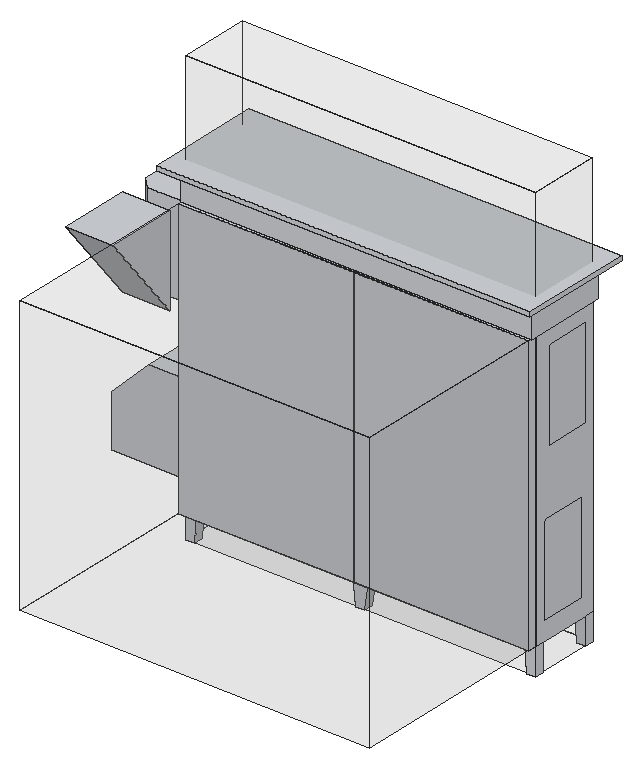
Revit family "AHU 3 _6", category Mechanické zařízení, Revit 2018
Family settings
  Kóta kulaté spojky = Použít průměr
  Typ dílu = Normální
  Číslo OmniClass = 23.75.00.00
  Nadpis OmniClass = Climate Control (HVAC)
  Založené na pracovní rovině = Ne
  Vždy vertikální = Ano
  Ořezat dutým tvarem při načtení = Ne
  Sdílené = Ne
  Bod výpočtu místnosti = Ne
Parameters (values of type "DUPLEXVENT Flexi (3G) DV1700 (RD5)")
  Width [instance] = 0.445 mm
  Weight [instance] = 291.00 kg
  URL = ""
  Type [instance] = "DUPLEXVENT Flexi (3G) DV1700 (RD5)"
  Total_SFP [instance] = 0
  Supply_outlet_hum [instance] = 24.9
  Supply_inlet_hum [instance] = 90
  Supply_ext_pressure [instance] = 200.0 Pa
  Supply_SFP [instance] = 0
  Source_adu_file [instance] = "C:\\\\Users\\\\dgavril\\\\OneDrive - Airflow Developments Ltd\\\\Desktop\\\\adu durley chine V4.adu"
  Recuperation_type [instance] = "Plate heat recovery exchanger"
  Recuperation_efficiency_EN308 [instance] = 82.9
  Project_name [instance] = "Durley Chine Passivhaus"
  Project_date [instance] = "13-08-2021"
  Power_supply_fusing [instance] = "0"
  Power_supply_cable [instance] = "0"
  Position [instance] = "AHU 3 "
  Phases_count [instance] = 1
  Panel_thickness [instance] = 0.06 mm
  Outer_surface [instance] = "RAL 9002"
  Length [instance] = 1.95 mm
  Insulation_type [instance] = "PUR"
  Insulation_thickness [instance] = 0.05 mm
  Installation_environment [instance] = ""
  Input_power_max [instance] = 1560 W
  Inner_surface [instance] = "Pozink"
  I2 [instance] = I1  # 0.0 L/s
  Height [instance] = 1.55 mm
  Exhaust_outlet_hum [instance] = 95.9
  Exhaust_inlet_hum [instance] = 40
  Exhaust_ext_pressure [instance] = 200.0 Pa
  Exhaust_SFP [instance] = 0
  E1 [instance] = E2 - M1  # 0.0 L/s
  E2 [instance] = 0.0 L/s
  I1 [instance] = 0.0 L/s
  Description = ""
  M1 [instance] = 0.0 L/s
  Device_dutypoint_version [instance] = "19"
  Device_design_version [instance] = "63"
  Device_adu_id [instance] = "6"
  Current_max [instance] = 7.8 A
  Casing_mat [instance] = "painted zinc layer"
  Cable type [instance] = "CYKY 5Jx2,5"
Reference planes
  plane 1 "Střed (vpředu/vzadu)": y = 0
  plane 2 "ref": z = 0
  plane 3 "Střed (vlevo/vpravo)": x = 0
Forms (mm)
  Sweep 1, solid
    path origin (0, 0, 0) x (0, 0, 1) y (1, 0, 0)
      loop
        line (0, 0) -> (1550, 0)
    profile origin (0, 0, 0) x (1, 0, 0) y (0, 1, 0)
      loop
        line (0, 0) -> (1950, 0) -> (1950, 400) -> (0, 400) -> (0, 0)
  Sweep 2, solid
    path origin (0, 0, 0) x (0, 0, 1) y (1, 0, 0)
      loop
        line (0, 0) -> (1550, 0)
    profile origin (0, 0, 0) x (1, 0, 0) y (0, 1, 0)
      loop
        line (0, 0) -> (0, -45) -> (1950, -45) -> (1950, 0) -> (0, 0)
  Sweep 3, solid
    path origin (-233, 315, 355) x (1, 0, 0) y (0, 1, 0)
      loop
        line (0, 0) -> (0, -250)
    profile origin (-233, 315, 355) x (1, 0, 0) y (0, 0, 1)
      loop
        line (233, 250) -> (-23, 250) -> (-233, 41) -> (-233, -250) -> (233, -250) -> (233, 250)
  Sweep 4, solid
    path origin (0, 0, 105) x (0, 0, 1) y (1, 0, 0)
      loop
        line (0, 0) -> (500, 0)
    profile origin (0, 0, 105) x (1, 0, 0) y (0, 1, 0)
      loop
        line (-1, 65) -> (0, 65) -> (0, 315) -> (-1, 315) -> (-1, 65)
  Sweep 5, solid
    path origin (1949, 223, 1215) x (1, 0, 0) y (0, 1, 0)
      loop
        line (0, 0) -> (1, 0)
    profile origin (1949, 223, 1215) x (0, 1, 0) y (0, 0, 1)
      loop
        line (-125, 250) -> (-125, -250) -> (125, -250) -> (125, 250) -> (-125, 250)
  Sweep 6, solid
    path origin (1949, 190, 355) x (1, 0, 0) y (0, 1, 0)
      loop
        line (0, 0) -> (1, 0)
    profile origin (1949, 190, 355) x (0, 1, 0) y (0, 0, 1)
      loop
        line (-125, 250) -> (-125, -250) -> (125, -250) -> (125, 250) -> (-125, 250)
  Sweep 7, solid
    path origin (-175, 223, 965) x (0, 0, 1) y (1, 0, 0)
      loop
        line (0, 0) -> (500, 0)
    profile origin (-175, 223, 965) x (1, 0, 0) y (0, 1, 0)
      loop
        line (175, 125) -> (87, 125) -> (87, 225) -> (-175, 225) -> (-175, -63) -> (-113, -125) -> (175, -125) -> (175, 125)
  Sweep 8, solid
    path origin (-87, 223, 1215) x (0, 1, 0) y (-1, 0, 0)
      loop
        line (0, 0) -> (0, 263)
    profile origin (-87, 223, 1215) x (0, -1, 0) y (0, 0, 1)
      loop
        line (225, -250) -> (625, 250) -> (225, 250) -> (225, -250)
  Sweep 9, solid
    path origin (0, 0, 965) x (0, 0, 1) y (1, 0, 0)
      loop
        line (0, 0) -> (500, 0)
    profile origin (0, 0, 965) x (1, 0, 0) y (0, 1, 0)
      loop
        line (-1, 98) -> (0, 98) -> (0, 348) -> (-1, 348) -> (-1, 98)
  Sweep 10, solid
    path origin (0, 0, 1725) x (0, 0, 1) y (1, 0, 0)
      loop
        line (0, 0) -> (25, 0)
    profile origin (0, 0, 1725) x (1, 0, 0) y (0, 1, 0)
      loop
        line (-65, -120) -> (2015, -120) -> (2015, 520) -> (-65, 520) -> (-65, -120)
  Sweep 11, solid
    path origin (0, 0, 1550) x (0, 0, 1) y (1, 0, 0)
      loop
        line (0, 0) -> (175, 0)
    profile origin (0, 0, 1550) x (1, 0, 0) y (0, 1, 0)
      loop
        line (-5, -30) -> (1955, -30) -> (1955, 430) -> (-5, 430) -> (-5, -30)
  Sweep 12, solid
    path origin (750, 55, 0) x (0, -1, 0) y (0, 0, 1)
      loop
        line (0, 0) -> (0, -30)
    profile origin (750, 55, 0) x (-1, 0, 0) y (0, -1, 0)
      loop
        circle (0, 0) r 16
  Sweep 13, solid, material "Servisní prostor"
    path origin (0, 0, 0) x (0, 0, 1) y (1, 0, 0)
      loop
        line (0, 0) -> (1550, 0)
    profile origin (0, 0, 0) x (1, 0, 0) y (0, 1, 0)
      loop
        line (0, -1155) -> (1950, -1155) -> (1950, -45) -> (0, -45) -> (0, -1155)
  Sweep 14, solid, material "Servisní prostor"
    path origin (0, 0, 1550) x (0, 0, 1) y (1, 0, 0)
      loop
        line (0, 0) -> (720, 0)
    profile origin (0, 0, 1550) x (1, 0, 0) y (0, 1, 0)
      loop
        line (0, 0) -> (1950, 0) -> (1950, 400) -> (0, 400) -> (0, 0)
  Sweep 15, solid, material "Servisní prostor"
    path origin (0, 0, -150) x (0, 0, 1) y (1, 0, 0)
      loop
        line (0, 0) -> (150, 0)
    profile origin (0, 0, -150) x (1, 0, 0) y (0, 1, 0)
      loop
        line (0, 400) -> (0, 0) -> (1950, 0) -> (1950, 400) -> (0, 400)
  Sweep 16, solid
    path origin (0, 0, 0) x (0, 0, 1) y (1, 0, 0)
      loop
        line (0, 0) -> (1550, 0)
    profile origin (0, 0, 0) x (1, 0, 0) y (0, 1, 0)
      loop
        line (0, -45) -> (975, -45) -> (975, -5) -> (0, -5) -> (0, -45)
  Sweep 17, solid
    path origin (0, 0, 0) x (0, 0, 1) y (1, 0, 0)
      loop
        line (0, 0) -> (1550, 0)
    profile origin (0, 0, 0) x (1, 0, 0) y (0, 1, 0)
      loop
        line (975, -45) -> (1950, -45) -> (1950, -5) -> (975, -5) -> (975, -45)
  Sweep 18, solid
    path origin (25, 50, 0) x (1, 0, 0) y (0, 1, 0)
      loop
        line (0, 0) -> (0, -50)
    profile origin (25, 50, 0) x (1, 0, 0) y (0, 0, 1)
      loop
        line (-25, 0) -> (-25, -150) -> (25, -150) -> (35, 0) -> (-25, 0)
  Sweep 19, solid
    path origin (1925, 50, 0) x (1, 0, 0) y (0, 1, 0)
      loop
        line (0, 0) -> (0, -50)
    profile origin (1925, 50, 0) x (1, 0, 0) y (0, 0, 1)
      loop
        line (-35, 0) -> (-25, -150) -> (25, -150) -> (25, 0) -> (-35, 0)
  Sweep 20, solid
    path origin (25, 400, 0) x (1, 0, 0) y (0, 1, 0)
      loop
        line (0, 0) -> (0, -50)
    profile origin (25, 400, 0) x (1, 0, 0) y (0, 0, 1)
      loop
        line (-25, 0) -> (-25, -150) -> (25, -150) -> (35, 0) -> (-25, 0)
  Sweep 21, solid
    path origin (1925, 400, 0) x (1, 0, 0) y (0, 1, 0)
      loop
        line (0, 0) -> (0, -50)
    profile origin (1925, 400, 0) x (1, 0, 0) y (0, 0, 1)
      loop
        line (-35, 0) -> (-25, -150) -> (25, -150) -> (25, 0) -> (-35, 0)
  Sweep 22, solid
    path origin (975, 50, 0) x (1, 0, 0) y (0, 1, 0)
      loop
        line (0, 0) -> (0, -50)
    profile origin (975, 50, 0) x (1, 0, 0) y (0, 0, 1)
      loop
        line (-45, 0) -> (-25, -150) -> (25, -150) -> (45, 0) -> (-45, 0)
  Sweep 23, solid
    path origin (975, 400, 0) x (1, 0, 0) y (0, 1, 0)
      loop
        line (0, 0) -> (0, -50)
    profile origin (975, 400, 0) x (1, 0, 0) y (0, 0, 1)
      loop
        line (-45, 0) -> (-25, -150) -> (25, -150) -> (45, 0) -> (-45, 0)
  Sweep 24, solid
    path origin (0, 0, 1550) x (0, 0, 1) y (1, 0, 0)
      loop
        line (0, 0) -> (125, 0)
    profile origin (0, 0, 1550) x (1, 0, 0) y (0, 1, 0)
      loop
        line (650, 45) -> (1305, 45) -> (1305, 235) -> (650, 235) -> (650, 45)
  Sweep 25, solid
    path origin (650, 140, 1613) x (0, 0, -1) y (1, 0, 0)
      loop
        line (0, 0) -> (0, -1)
    profile origin (650, 140, 1613) x (0, 0, -1) y (0, -1, 0)
      loop
        circle (0, 0) r 10
Lines and regions (mm)
  model lines, style "Symbol"
    curve 1: line (950, -45, 0) -> (950, -45, 310)
    curve 2: line (950, -45, 1550) -> (950, -45, 1240)
    curve 3: line (0, -45, 775) -> (485, -45, 775)
    curve 4: line (1950, -45, 775) -> (1415, -45, 775)
    curve 5: line (485, -45, 775) -> (718, -45, 1240)
    curve 6: line (718, -45, 1240) -> (1183, -45, 1240)
    curve 7: line (1183, -45, 1240) -> (1415, -45, 775)
    curve 8: line (1415, -45, 775) -> (1183, -45, 310)
    curve 9: line (1183, -45, 310) -> (950, -45, 310)
    curve 10: line (950, -45, 310) -> (718, -45, 310)
    curve 11: line (718, -45, 310) -> (485, -45, 775)
    curve 12: line (1609, -45, 1273) -> (1857, -45, 1231)
    curve 13: line (1609, -45, 1052) -> (1857, -45, 1094)
    curve 14: line (341, -45, 1052) -> (93, -45, 1094)
    curve 15: line (341, -45, 1273) -> (93, -45, 1231)
    curve 16: line (175, -45, 155) -> (175, -45, 620)
    curve 17: line (175, -45, 620) -> (292, -45, 620)
    curve 18: line (292, -45, 620) -> (292, -45, 155)
    curve 19: line (292, -45, 155) -> (175, -45, 155)
    curve 20: line (234, -45, 155) -> (292, -45, 388)
    curve 21: line (234, -45, 620) -> (292, -45, 388)
    curve 22: line (1774, -45, 620) -> (1774, -45, 155)
    curve 23: line (1774, -45, 155) -> (1657, -45, 155)
    curve 24: line (1657, -45, 155) -> (1657, -45, 620)
    curve 25: line (1657, -45, 620) -> (1774, -45, 620)
    curve 26: line (1716, -45, 620) -> (1657, -45, 388)
    curve 27: line (1716, -45, 155) -> (1657, -45, 388)
    curve 28: line (634, -45, 271) -> (422, -45, 686)
    curve 29: line (422, -45, 686) -> (491, -45, 721)
    curve 30: line (491, -45, 721) -> (703, -45, 306)
    curve 31: line (703, -45, 306) -> (634, -45, 271)
    curve 32: line (507, -45, 537) -> (534, -45, 621)
    curve 33: line (591, -45, 371) -> (618, -45, 455)
    curve 34: line (0, -45, 0) -> (975, -45, 0)
    curve 35: line (0, -45, 1550) -> (975, -45, 1550)
    curve 36: line (0, -45, 0) -> (0, -45, 1550)
    curve 37: line (975, -45, 0) -> (975, -45, 1550)
    curve 38: line (0, -45, 0) -> (0, -5, 0)
    curve 39: line (975, -45, 0) -> (975, -5, 0)
    curve 40: line (0, -45, 1550) -> (0, -5, 1550)
    curve 41: line (975, -45, 1550) -> (975, -5, 1550)
    curve 42: line (975, -45, 0) -> (1950, -45, 0)
    curve 43: line (975, -45, 1550) -> (1950, -45, 1550)
    curve 44: line (975, -45, 0) -> (975, -45, 1550)
    curve 45: line (1950, -45, 0) -> (1950, -45, 1550)
    curve 46: line (975, -45, 0) -> (975, -5, 0)
    curve 47: line (1950, -45, 0) -> (1950, -5, 0)
    curve 48: line (975, -45, 1550) -> (975, -5, 1550)
    curve 49: line (1950, -45, 1550) -> (1950, -5, 1550)
    curve 50: circle (1718, -45, 1163) r 155 normal (0, -1, 0)
    curve 51: circle (233, -45, 1163) r 155 normal (0, -1, 0)
    curve 52: circle (520, -45, 579) r 12 normal (0, -1, 0)
    curve 53: circle (605, -45, 413) r 12 normal (0, -1, 0)
Dimensions and locks
  aligned and locked: level to plane 2 "ref"
Connectors
  hvac at (-0.5, 190, 605), driven by "E1"
    settings: on Sweep 4, index 1, duct flow 0.0 L/s, flow factor 0, pres drop 0.0 Pa, loss coef 0, conn angle 0.00°, conn width 10 mm, conn height 10 mm, conn diameter 609.6 mm, duct sys type 1, conn prof type 1, flow config 1, flow direction 1, loss method 0, conn ref index -1, conn util no, is conn primary yes, conn desc ""
  hvac at (1950, 223, 1215), driven by "E2"
    settings: on Sweep 5, index 2, duct flow 0.0 L/s, flow factor 1, pres drop 0.0 Pa, loss coef 0, conn angle 0.00°, conn width 250 mm, conn height 500 mm, conn diameter 609.6 mm, duct sys type 1, conn prof type 1, flow config 2, flow direction 2, loss method 0, conn ref index -1, conn util no, is conn primary no, conn desc ""
  hvac at (1950, 190, 355), driven by "I1"
    settings: on Sweep 6, index 3, duct flow 0.0 L/s, flow factor 1, pres drop 0.0 Pa, loss coef 0, conn angle 0.00°, conn width 250 mm, conn height 500 mm, conn diameter 609.6 mm, duct sys type 3, conn prof type 1, flow config 2, flow direction 1, loss method 0, conn ref index -1, conn util no, is conn primary no, conn desc ""
  hvac at (-0.5, 223, 1465), driven by "I2"
    settings: on Sweep 9, index 4, duct flow 0.0 L/s, flow factor 0, pres drop 0.0 Pa, loss coef 0, conn angle 0.00°, conn width 10 mm, conn height 10 mm, conn diameter 609.6 mm, duct sys type 3, conn prof type 1, flow config 1, flow direction 2, loss method 0, conn ref index -1, conn util no, is conn primary no, conn desc ""
  piping at (750, 55, -30), diameter 22
    settings: on Sweep 12, index 5, connector inside diameter 609.6 mm, connector length 0 mm, flow factor 0, pipe flow 0.0 L/s, pressure drop 0.0 Pa, fitting loss kfactor 0, connector angle 0.00°, fixture units 0, engagement length 0 mm, angle of deflection 0.00°, flow configuration 1, flow direction 2, fitting loss method 0, system type 16, joint type 0, gender type 0, connector reference index -1, connector utility 0, adjustable connector no, is connector primary yes, connector description ""
  electrical at (649, 140, 1613)
    settings: on Sweep 25, index 6, voltage 230 V, apparent load 0 VA, apparent load phase1 0 VA, apparent load phase2 0 VA, apparent load phase3 0 VA, power factor 1, load classification "Další", number of poles 1, system type 31, power factor state 1, is connector primary yes, connector utility no, sub classification motor no, connector description ""
